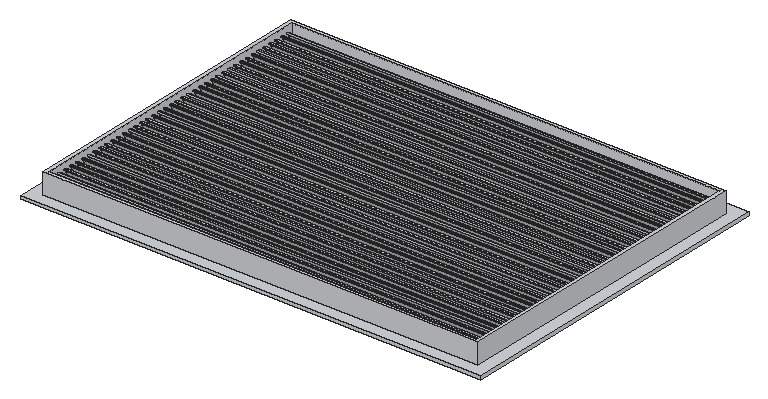
Revit family "GSY", category Air Terminals, Revit 2012
Parameters (values of type "GSY-19 7/16-27 7/16")
  URL = "http://www.innes.com.mx"
  Separacion = 0"
  No. de elementos = Largo B / (Ancho liston + Separacion)  # 41
  Mínima velocidad de cuello = 0 FPM
  Mínima presión estática = 0.00 in-wg
  Máximo nivel de ruido (NC) = ""
  Máxima velocidad de cuello = 0 FPM
  Máxima presión estática = 0.00 in-wg
  Material = ""
  Manufacturer = "INNES"
  Largo B = Largo A - 2"  # 19 7/16"
  Largo A = 21 7/16"
  Cuello = ""
  Ancho liston = 15/32"
  Ancho B = Ancho A - 2"  # 27 7/16"
  Ancho A = 29 7/16"
  Altura liston = 1 5/32"
Types (4): name | No. de elementos | Largo B | Largo A | Ancho B | Ancho A
  (no name) | 41 | 19 7/16" | 21 7/16" | 27 7/16" | 29 7/16"
  GSY-15 7/16-23 7/16 | 33 | 15 7/16" | 17 7/16" | 23 7/16" | 25 7/16"
  GSY-17 7/16-25 7/16 | 37 | 17 7/16" | 19 7/16" | 25 7/16" | 27 7/16"
  GSY-19 7/16-27 7/16 | 41 | 19 7/16" | 21 7/16" | 27 7/16" | 29 7/16"
Reference planes (in)
  plane 1 "Center (Front/Back)": y = 0
  plane 2: z = 0
  plane 3 "Center (Left/Right)": x = 0
  plane 4: x = -14.71875
  plane 5: x = 14.71875
  plane 6: y = 10.71875
  plane 7: y = -10.71875
  plane 8: x = -13.71875
  plane 9: x = 13.71875
  plane 10: y = 9.71875
  plane 11: y = -9.71875
  plane 12 "Altura placa": z = 0.1875
  plane 13: z = 1.5
  plane 14: z = 0.57812
Forms (in)
  Sweep 1, solid
    path origin (0, 0, 0) x (1, 0, 0) y (0, 1, 0)
      loop
        line (-13.71875, 9.71875) -> (-13.71875, -9.71875) -> (13.71875, -9.71875) -> (13.71875, 9.71875) -> (-13.71875, 9.71875)
    profile origin (0, 9.71875, 0) x (0, 1, 0) y (0, 0, 1)
      loop
        line (0, 1.5) -> (0, 0) -> (1, 0) -> (1, 0.1875) -> (0.1875, 0.1875) -> (0.1875, 1.5) -> (0, 1.5)
Dimensions and locks (in)
  equal spacing: plane 4, plane 3 "Center (Left/Right)", plane 5
  "Ancho A": plane 4 to plane 5
  equal spacing: plane 6, plane 1 "Center (Front/Back)", plane 7
  "Largo A": plane 6 to plane 7
  equal spacing: plane 8, plane 3 "Center (Left/Right)", plane 9
  "Ancho B": plane 8 to plane 9
  equal spacing: plane 10, plane 1 "Center (Front/Back)", plane 11
  "Largo B": plane 10 to plane 11
  locked: plane 12 "Altura placa" to level at 0.1875
  locked: plane 13 to level at 1.5
  equal spacing: group 1, group 2, group 3, group 4, group 5, group 6, group 7, group 8, group 9, group 10, group 11, group 12, group 13, group 14, group 15, group 16, group 17, group 18, group 19, group 20, group 21, group 22, group 23, group 24, group 25, group 26, group 27, group 28, group 29, group 30, group 31, group 32, group 33, group 34, group 35, group 36, group 37, group 38, group 39, group 40, group 41  (x2)
  equal spacing: group 41, group 40, group 39, group 38, group 37, group 36, group 35, group 34, group 33, group 32, group 31, group 30, group 29, group 28, group 27, group 26, group 25, group 24, group 23, group 22, group 21, group 20, group 19, group 18, group 17, group 16, group 15, group 14, group 13, group 12, group 11, group 10, group 9, group 8, group 7, group 6, group 5, group 4, group 3, group 2, group 1
  "Separacion": nested 1 to nested 2
  aligned and locked: plane 2 to level
  aligned and locked: Sweep 1 sketch curve to plane 10
  aligned and locked: plane 8 to Sweep 1 sketch curve
  aligned and locked: plane 11 to Sweep 1 sketch curve
  aligned and locked: Sweep 1 sketch curve to plane 9
  aligned and locked: Sweep 1 to nested 1  (x3)
  aligned and locked: plane 10 to nested 1
  aligned and locked: nested 1 to nested 1
  aligned and locked: nested 2 to nested 2
  aligned and locked: nested 3 to nested 3
  aligned and locked: nested 4 to nested 4
  aligned and locked: nested 5 to nested 5
  aligned and locked: nested 6 to nested 6
  aligned and locked: nested 7 to nested 7
  aligned and locked: nested 8 to nested 8
  aligned and locked: nested 9 to nested 9
  aligned and locked: nested 10 to nested 10
  aligned and locked: nested 11 to nested 11
  aligned and locked: nested 12 to nested 12
  aligned and locked: nested 13 to nested 13
  aligned and locked: nested 14 to nested 14
  aligned and locked: nested 15 to nested 15
  aligned and locked: nested 16 to nested 16
  aligned and locked: nested 17 to nested 17
  aligned and locked: nested 18 to nested 18
  aligned and locked: nested 19 to nested 19
  aligned and locked: nested 20 to nested 20
  aligned and locked: nested 21 to nested 21
  aligned and locked: nested 22 to nested 22
  aligned and locked: nested 23 to nested 23
  aligned and locked: nested 24 to nested 24
  aligned and locked: nested 25 to nested 25
  aligned and locked: nested 26 to nested 26
  aligned and locked: nested 27 to nested 27
  aligned and locked: nested 28 to nested 28
  aligned and locked: nested 29 to nested 29
  aligned and locked: nested 30 to nested 30
  aligned and locked: nested 31 to nested 31
  aligned and locked: nested 32 to nested 32
  aligned and locked: nested 33 to nested 33
  aligned and locked: nested 34 to nested 34
  aligned and locked: nested 35 to nested 35
  aligned and locked: nested 36 to nested 36
  aligned and locked: nested 37 to nested 37
  aligned and locked: nested 38 to nested 38
  aligned and locked: nested 39 to nested 39
  aligned and locked: nested 40 to nested 40
  aligned and locked: nested 41 to nested 41
Automatic sketch dimensions
  Sweep 1 sketch curve to profile plane = 0"
  Sweep 1 sketch curve to level = 0"
  Sweep 1 sketch curve to profile plane = 3/16"
  Sweep 1 sketch curve to Sweep 1 sketch curve = 13/16"
  level to Sweep 1 sketch curve = 3/16"
  Sweep 1 sketch curve to Sweep 1 sketch curve = 1 5/16"
Nested families (in)
  nested 1: "Matriz GSY" at (0, 9.25, 0.57812) x (1, 0, 0) z (0, 1, 0), type "Matriz GSY"
    with Ancho liston 15/32", Ancho B 27 7/16", Alto liston 1 5/32"
  nested 2: "Matriz GSY" at (0, 8.78125, 0.57812) x (1, 0, 0) z (0, 1, 0), type "Matriz GSY"
    with Ancho liston 15/32", Ancho B 27 7/16", Alto liston 1 5/32"
  nested 3: "Matriz GSY" at (0, 8.3125, 0.57812) x (1, 0, 0) z (0, 1, 0), type "Matriz GSY"
    with Ancho liston 15/32", Ancho B 27 7/16", Alto liston 1 5/32"
  nested 4: "Matriz GSY" at (0, 7.84375, 0.57812) x (1, 0, 0) z (0, 1, 0), type "Matriz GSY"
    with Ancho liston 15/32", Ancho B 27 7/16", Alto liston 1 5/32"
  nested 5: "Matriz GSY" at (0, 7.375, 0.57812) x (1, 0, 0) z (0, 1, 0), type "Matriz GSY"
    with Ancho liston 15/32", Ancho B 27 7/16", Alto liston 1 5/32"
  nested 6: "Matriz GSY" at (0, 6.90625, 0.57812) x (1, 0, 0) z (0, 1, 0), type "Matriz GSY"
    with Ancho liston 15/32", Ancho B 27 7/16", Alto liston 1 5/32"
  nested 7: "Matriz GSY" at (0, 6.4375, 0.57812) x (1, 0, 0) z (0, 1, 0), type "Matriz GSY"
    with Ancho liston 15/32", Ancho B 27 7/16", Alto liston 1 5/32"
  nested 8: "Matriz GSY" at (0, 5.96875, 0.57812) x (1, 0, 0) z (0, 1, 0), type "Matriz GSY"
    with Ancho liston 15/32", Ancho B 27 7/16", Alto liston 1 5/32"
  nested 9: "Matriz GSY" at (0, 5.5, 0.57812) x (1, 0, 0) z (0, 1, 0), type "Matriz GSY"
    with Ancho liston 15/32", Ancho B 27 7/16", Alto liston 1 5/32"
  nested 10: "Matriz GSY" at (0, 5.03125, 0.57812) x (1, 0, 0) z (0, 1, 0), type "Matriz GSY"
    with Ancho liston 15/32", Ancho B 27 7/16", Alto liston 1 5/32"
  nested 11: "Matriz GSY" at (0, 4.5625, 0.57812) x (1, 0, 0) z (0, 1, 0), type "Matriz GSY"
    with Ancho liston 15/32", Ancho B 27 7/16", Alto liston 1 5/32"
  nested 12: "Matriz GSY" at (0, 4.09375, 0.57812) x (1, 0, 0) z (0, 1, 0), type "Matriz GSY"
    with Ancho liston 15/32", Ancho B 27 7/16", Alto liston 1 5/32"
  nested 13: "Matriz GSY" at (0, 3.625, 0.57812) x (1, 0, 0) z (0, 1, 0), type "Matriz GSY"
    with Ancho liston 15/32", Ancho B 27 7/16", Alto liston 1 5/32"
  nested 14: "Matriz GSY" at (0, 3.15625, 0.57812) x (1, 0, 0) z (0, 1, 0), type "Matriz GSY"
    with Ancho liston 15/32", Ancho B 27 7/16", Alto liston 1 5/32"
  nested 15: "Matriz GSY" at (0, 2.6875, 0.57812) x (1, 0, 0) z (0, 1, 0), type "Matriz GSY"
    with Ancho liston 15/32", Ancho B 27 7/16", Alto liston 1 5/32"
  nested 16: "Matriz GSY" at (0, 2.21875, 0.57812) x (1, 0, 0) z (0, 1, 0), type "Matriz GSY"
    with Ancho liston 15/32", Ancho B 27 7/16", Alto liston 1 5/32"
  nested 17: "Matriz GSY" at (0, 1.75, 0.57812) x (1, 0, 0) z (0, 1, 0), type "Matriz GSY"
    with Ancho liston 15/32", Ancho B 27 7/16", Alto liston 1 5/32"
  nested 18: "Matriz GSY" at (0, 1.28125, 0.57812) x (1, 0, 0) z (0, 1, 0), type "Matriz GSY"
    with Ancho liston 15/32", Ancho B 27 7/16", Alto liston 1 5/32"
  nested 19: "Matriz GSY" at (0, 0.8125, 0.57812) x (1, 0, 0) z (0, 1, 0), type "Matriz GSY"
    with Ancho liston 15/32", Ancho B 27 7/16", Alto liston 1 5/32"
  nested 20: "Matriz GSY" at (0, 0.34375, 0.57812) x (1, 0, 0) z (0, 1, 0), type "Matriz GSY"
    with Ancho liston 15/32", Ancho B 27 7/16", Alto liston 1 5/32"
  nested 21: "Matriz GSY" at (0, -0.125, 0.57812) x (1, 0, 0) z (0, 1, 0), type "Matriz GSY"
    with Ancho liston 15/32", Ancho B 27 7/16", Alto liston 1 5/32"
  nested 22: "Matriz GSY" at (0, -0.59375, 0.57812) x (1, 0, 0) z (0, 1, 0), type "Matriz GSY"
    with Ancho liston 15/32", Ancho B 27 7/16", Alto liston 1 5/32"
  nested 23: "Matriz GSY" at (0, -1.0625, 0.57812) x (1, 0, 0) z (0, 1, 0), type "Matriz GSY"
    with Ancho liston 15/32", Ancho B 27 7/16", Alto liston 1 5/32"
  nested 24: "Matriz GSY" at (0, -1.53125, 0.57812) x (1, 0, 0) z (0, 1, 0), type "Matriz GSY"
    with Ancho liston 15/32", Ancho B 27 7/16", Alto liston 1 5/32"
  nested 25: "Matriz GSY" at (0, -2, 0.57812) x (1, 0, 0) z (0, 1, 0), type "Matriz GSY"
    with Ancho liston 15/32", Ancho B 27 7/16", Alto liston 1 5/32"
  nested 26: "Matriz GSY" at (0, -2.46875, 0.57812) x (1, 0, 0) z (0, 1, 0), type "Matriz GSY"
    with Ancho liston 15/32", Ancho B 27 7/16", Alto liston 1 5/32"
  nested 27: "Matriz GSY" at (0, -2.9375, 0.57812) x (1, 0, 0) z (0, 1, 0), type "Matriz GSY"
    with Ancho liston 15/32", Ancho B 27 7/16", Alto liston 1 5/32"
  nested 28: "Matriz GSY" at (0, -3.40625, 0.57812) x (1, 0, 0) z (0, 1, 0), type "Matriz GSY"
    with Ancho liston 15/32", Ancho B 27 7/16", Alto liston 1 5/32"
  nested 29: "Matriz GSY" at (0, -3.875, 0.57812) x (1, 0, 0) z (0, 1, 0), type "Matriz GSY"
    with Ancho liston 15/32", Ancho B 27 7/16", Alto liston 1 5/32"
  nested 30: "Matriz GSY" at (0, -4.34375, 0.57812) x (1, 0, 0) z (0, 1, 0), type "Matriz GSY"
    with Ancho liston 15/32", Ancho B 27 7/16", Alto liston 1 5/32"
  nested 31: "Matriz GSY" at (0, -4.8125, 0.57812) x (1, 0, 0) z (0, 1, 0), type "Matriz GSY"
    with Ancho liston 15/32", Ancho B 27 7/16", Alto liston 1 5/32"
  nested 32: "Matriz GSY" at (0, -5.28125, 0.57812) x (1, 0, 0) z (0, 1, 0), type "Matriz GSY"
    with Ancho liston 15/32", Ancho B 27 7/16", Alto liston 1 5/32"
  nested 33: "Matriz GSY" at (0, -5.75, 0.57812) x (1, 0, 0) z (0, 1, 0), type "Matriz GSY"
    with Ancho liston 15/32", Ancho B 27 7/16", Alto liston 1 5/32"
  nested 34: "Matriz GSY" at (0, -6.21875, 0.57812) x (1, 0, 0) z (0, 1, 0), type "Matriz GSY"
    with Ancho liston 15/32", Ancho B 27 7/16", Alto liston 1 5/32"
  nested 35: "Matriz GSY" at (0, -6.6875, 0.57812) x (1, 0, 0) z (0, 1, 0), type "Matriz GSY"
    with Ancho liston 15/32", Ancho B 27 7/16", Alto liston 1 5/32"
  nested 36: "Matriz GSY" at (0, -7.15625, 0.57812) x (1, 0, 0) z (0, 1, 0), type "Matriz GSY"
    with Ancho liston 15/32", Ancho B 27 7/16", Alto liston 1 5/32"
  nested 37: "Matriz GSY" at (0, -7.625, 0.57812) x (1, 0, 0) z (0, 1, 0), type "Matriz GSY"
    with Ancho liston 15/32", Ancho B 27 7/16", Alto liston 1 5/32"
  nested 38: "Matriz GSY" at (0, -8.09375, 0.57812) x (1, 0, 0) z (0, 1, 0), type "Matriz GSY"
    with Ancho liston 15/32", Ancho B 27 7/16", Alto liston 1 5/32"
  nested 39: "Matriz GSY" at (0, -8.5625, 0.57812) x (1, 0, 0) z (0, 1, 0), type "Matriz GSY"
    with Ancho liston 15/32", Ancho B 27 7/16", Alto liston 1 5/32"
  nested 40: "Matriz GSY" at (0, -9.03125, 0.57812) x (1, 0, 0) z (0, 1, 0), type "Matriz GSY"
    with Ancho liston 15/32", Ancho B 27 7/16", Alto liston 1 5/32"
  nested 41: "Matriz GSY" at (0, -9.5, 0.57812) x (1, 0, 0) z (0, 1, 0), type "Matriz GSY"
    with Ancho liston 15/32", Ancho B 27 7/16", Alto liston 1 5/32"
Connectors (in)
  hvac at (0, 0, 0.1875), driven by "Largo A", driven by "Ancho A"
    settings: on Sweep 1, index 1, duct flow 0 CFM, flow factor 0, pres drop 0.00 in-wg, loss coef 0, conn angle 0.00°, conn width 29 7/16", conn height 21 7/16", conn radius 12", duct sys type 1, conn prof type 1, flow config 0, flow direction 0, loss method 0, conn ref index -1, conn util no, is conn primary yes, conn desc ""
Definition of nested family "Matriz GSY"
  Parameters (values of type "Matriz GSY")
    Ancho liston = 1 5/32"
    Ancho B = 23 7/16"
    Alto liston = 15/32"
  Reference planes (in)
    plane 1 "Center (Front/Back)": y = 0
    plane 2: z = 0
    plane 3 "Center (Left/Right)": x = 0
    plane 4: x = -11.71875
    plane 5: x = 11.71875
    plane 6: y = 0.57812
    plane 7: y = -0.57813
    plane 8: z = 0.46875
  Forms (in)
    Sweep 1, solid
      path origin (0, 0, 0) x (1, 0, 0) y (0, 1, 0)
        loop
          line (-11.71875, 0) -> (11.71875, 0)
      profile origin (0, 0, 0) x (0, 1, 0) y (0, 0, 1)
        loop
          line (0.57813, 0) -> (0.57813, 0.11225) -> (0.05235, 0.41581) -> (0.05235, 0.46875) -> (-0.05235, 0.46875) -> (-0.05235, 0.40321) -> (-0.57812, 0.11913) -> (-0.57812, 0) -> (-0.51036, 0) -> (-0.51036, 0.09016) -> (-0.05235, 0.33511) -> (0.05235, 0.33511) -> (0.51144, 0.07005) -> (0.51144, 0) -> (0.57813, 0)
  Dimensions and locks (in)
    equal spacing: plane 4, plane 3 "Center (Left/Right)", plane 5, locked at 11.71875 each
    "Ancho B": plane 4 to plane 5
    equal spacing: plane 6, plane 1 "Center (Front/Back)", plane 7, locked at 0.57813 each
    "Ancho liston": plane 6 to plane 7
    "Alto liston": plane 8 to level
    "Ancho B": Sweep 1 sketch curve to Sweep 1 sketch curve
    equal spacing: Sweep 1, plane 1 "Center (Front/Back)", Sweep 1
    aligned and locked: plane 2 to level
  Automatic sketch dimensions
    plane 1 "Center (Front/Back)" to Sweep 1 sketch curve = 0"
    Sweep 1 sketch curve to plane 4 = 0"
    Sweep 1 sketch curve to level = 0"  (x2)
    profile plane to Sweep 1 sketch curve = 37/64"
    level to Sweep 1 sketch curve = 0.09016"
    Sweep 1 sketch curve to Sweep 1 sketch curve = 0.06777"
    profile plane to Sweep 1 sketch curve = 0.05235"
    Sweep 1 sketch curve to Sweep 1 sketch curve = 0"
    Sweep 1 sketch curve to profile plane = 0.05235"  (x2)
    Sweep 1 sketch curve to profile plane = 0.51144"
    level to Sweep 1 sketch curve = 0.11225"
    Sweep 1 sketch curve to Sweep 1 sketch curve = 0.06669"
    level to Sweep 1 sketch curve = 0.07005"
    Sweep 1 sketch curve to Sweep 1 sketch curve = 0.02897"
    level to Sweep 1 sketch curve = 0.33511"
    Sweep 1 sketch curve to Sweep 1 sketch curve = 0.0681"
    Sweep 1 sketch curve to Sweep 1 sketch curve = 0.0807"
    Sweep 1 sketch curve to Sweep 1 sketch curve = 0.05294"
